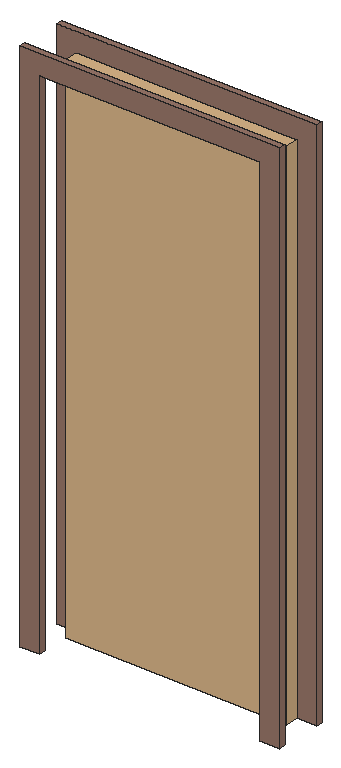
Revit family "b43424ff97f24be9af805b2ce66ca750", category Doors, host Wall, Revit 2026
Family settings
  Host = Wall
  Always vertical = Yes
  Cut with Voids When Loaded = No
  Shared = No
  Room Calculation Point = No
Parameters (values of type "850 x 2000mm")
  Visual Light Transmittance = 0
  Thickness = 50 mm
  Thermal Resistance (R) = 0.455703 (m²·K)/W
  Swing Angle [instance] = 90.00°
  Solar Heat Gain Coefficient = 0
  Define Thermal Properties by = Schematic Type
  Construction Type Id = "DOOR"
  Heat Transfer Coefficient (U) = 2.19465 W/(m²·K)
  Function = Interior
  Panel Material = Wood - Birch - Solid Stained Light Low Gloss
  Trim Material = Paint - Sienna
  Height = 2000 mm
  Trim Projection Ext = 25 mm
  Trim Projection Int = 25 mm
  Trim Width = 80 mm
  Wall Closure = By host
  Width = 850 mm
  Analytic Construction = "Wooden"
Reference planes
  plane 1 "Center(Front/Back)": y = 0
  plane 2: z = 0
  plane 3 "Center (Left/Right)": x = 0
  plane 4 "Left": x = -425
  plane 5 "Right": x = 425
  plane 6 "Top": z = 2000
  plane 7: y = 76.2
Forms (mm)
  Extrusion 1, solid, material "Wood - Birch - Solid Stained Light Low Gloss" <- "Panel Material"
    sketch origin (0, 0, 0) x (1, 0, 0) y (0, 0, 1)
      loop
        line (-425, 2000) -> (-425, 0) -> (425, 0) -> (425, 2000) -> (-425, 2000)
    from -76.2 to -26.2
  Extrusion 2, solid, material "Paint - Sienna" <- "Trim Material", detail levels fine
    sketch origin (-1524, -76.2, 0) x (1, 0, 0) y (0, 0, 1)
      loop
        line (1022.8, 2076.2) -> (1022.8, 0) -> (1099, 0) -> (1099, 2000) -> (1949, 2000) -> (1949, 0) -> (2025.2, 0) -> (2025.2, 2076.2) -> (1022.8, 2076.2)
    from 0 to 25
  Extrusion 3, solid, material "Paint - Sienna" <- "Trim Material", detail levels fine
    sketch origin (-1524, 76.2, 0) x (-1, 0, 0) y (0, 0, 1)
      loop
        line (-2025.2, 2076.2) -> (-2025.2, 0) -> (-1949, 0) -> (-1949, 2000) -> (-1099, 2000) -> (-1099, 0) -> (-1022.8, 0) -> (-1022.8, 2076.2) -> (-2025.2, 2076.2)
    from 0 to 25
Lines and regions (mm)
  Opening 1
    outline origin (-1524, -76.2, 3657.6) x (0, 0, -1) y (1, 0, 0)
      loop
        line (1657.6, 1099) -> (3657.6, 1099) -> (3657.6, 1949) -> (1657.6, 1949) -> (1657.6, 1099)
  symbolic lines, style "Elevation Swing"
    curve 1: line (-425, 0, 2000) -> (425, 0, 1000)
    curve 2: line (-425, 0, 0) -> (425, 0, 1000)
Dimensions and locks
  equal spacing: plane 4 "Left", plane 3 "Center (Left/Right)", plane 5 "Right"
  "Width": plane 4 "Left" to plane 5 "Right"
  "Height": plane 6 "Top" to plane 2
  "Trim Projection Ext": Extrusion 3 to host wall
  "Trim Projection Int": Extrusion 2 to host wall
  "Thickness": Extrusion 1 to host wall
  equal spacing: plane 6 "Top", curve 2, level
  aligned and locked: host wall to Extrusion 1
  aligned and locked: Extrusion 2 to Extrusion 3 sketch curve
  aligned and locked: Extrusion 3 sketch curve to Extrusion 2  (x2)
  aligned and locked: plane 7 to host wall
  aligned and locked: plane 7 to Extrusion 1
  aligned and locked: nested 1 to plane 7
  aligned and locked: nested 1 to plane 5 "Right"
Automatic sketch dimensions
  Opening 1 sketch curve to plane 6 "Top" = 0 mm
  Opening 1 sketch curve to level = 0 mm
  Opening 1 sketch curve to plane 4 "Left" = 0 mm
  Opening 1 sketch curve to plane 5 "Right" = 0 mm
  Extrusion 1 sketch curve to plane 4 "Left" = 0 mm
  Extrusion 1 sketch curve to plane 5 "Right" = 0 mm
  Extrusion 1 sketch curve to level = 0 mm
  Extrusion 1 sketch curve to plane 6 "Top" = 0 mm
  Extrusion 2 sketch curve to level = 0 mm  (x2)
  Extrusion 2 sketch curve to plane 4 "Left" = 0 mm
  Extrusion 2 sketch curve to plane 5 "Right" = 0 mm
  Extrusion 2 sketch curve to plane 6 "Top" = 0 mm
  Extrusion 3 sketch curve to level = 0 mm  (x2)
  Extrusion 3 sketch curve to plane 5 "Right" = 0 mm
  Extrusion 3 sketch curve to plane 4 "Left" = 0 mm
  Extrusion 3 sketch curve to plane 6 "Top" = 0 mm
  curve 1 to plane 4 "Left" = 0 mm
  curve 1 to plane 6 "Top" = 0 mm
  curve 2 to plane 5 "Right" = 0 mm
  curve 2 to level = 0 mm
  curve 2 to plane 4 "Left" = 0 mm
  plane 4 "Left" to Extrusion 2 sketch curve = 76.2 mm
  Extrusion 2 sketch curve to Extrusion 2 sketch curve = 76.2 mm
  Extrusion 2 sketch curve to plane 6 "Top" = 76.2 mm
Nested families
  nested 1: "Door Swing-Single" at (425, 76.2, 0), Swing Angle <- "Swing Angle", type "Single"
    with Swing Visible yes, Swing Angle 90.00°, Actual Angle 90.00°
Definition of nested family "Door Swing-Single"
  Parameters (values of type "Single")
    Width = 900 mm
    Thickness = 45 mm
    Swing Visible [instance] = Swing Angle > 1.00°  # yes
    Swing Angle [instance] = 45.00°
    Analytic Construction = "<None>"
    Actual Angle [instance] = if(Swing Angle < 1.00°, 1.00°, Swing Angle)  # 45.00°
  Reference planes
    plane 1 "Center (Front/Back)": y = 0
    plane 2: z = 0
    plane 3 "Center (Left/Right)": x = 0
    plane 4: x = -900
  Lines and regions (mm)
    Masking region 1
      outline origin (0, 0, 0) x (-0.707107, 0.707107, 0) y (-0.707107, -0.707107, 0)
        loop
          line (0, 0) -> (900, 0) -> (900, 45) -> (0, 45) -> (0, 0)
    symbolic lines
      curve 1: line (0, 0, 0) -> (-900, 0, 0)
    symbolic lines, visible <- "Swing Visible"
      curve 2: arc (-900, 0, 0) -> (-831.492, 344.415, 0) -> (-636.396, 636.396, 0) r 900
    reference lines
      curve 3: line (0, 0, 0) -> (-636.396, 636.396, 0)
    model lines
      curve 4: line (0, 0, 0) -> (0, 0, 25.4)
  Dimensions and locks
    "Width": plane 4 to plane 3 "Center (Left/Right)"
    locked: curve 2 to plane 3 "Center (Left/Right)"
    locked: curve 2 to plane 1 "Center (Front/Back)"
    "Width": curve 3 to curve 3
    "Thickness": Masking region 1 sketch curve to Masking region 1 sketch curve
    locked: curve 4 to plane 2 at 25.4
    "Width": radius of curve 2
    "Actual Angle": angle curve 2 to curve 2
    "Swing Angle": angle curve 3 to plane 1 "Center (Front/Back)"
    aligned and locked: curve 1 to plane 1 "Center (Front/Back)"
    aligned and locked: plane 3 "Center (Left/Right)" to curve 1
    aligned and locked: plane 3 "Center (Left/Right)" to curve 3
    aligned and locked: plane 1 "Center (Front/Back)" to curve 3
    aligned and locked: curve 3 to Masking region 1 sketch curve
    aligned and locked: Masking region 1 sketch curve to curve 3  (x2)
    aligned and locked: plane 3 "Center (Left/Right)" to curve 4
    aligned and locked: plane 2 to curve 4
